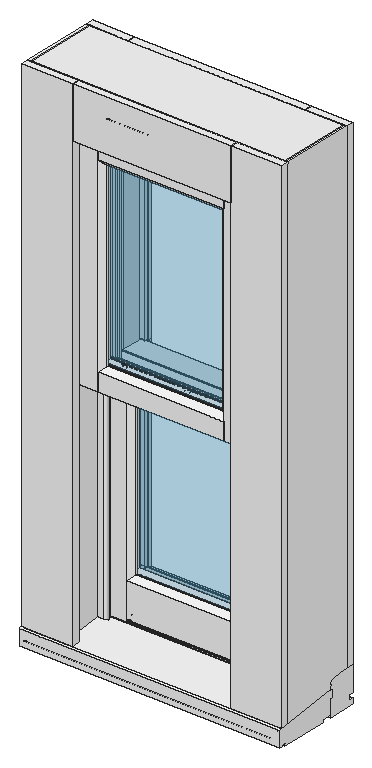
Revit family "B1-11", category Generic Models, Revit 2012
Parameters (values of type "Window Sill drawing")
  Width = 1600 mm
  Height = 1250 mm
  GlazingPanelMaterial = Glass
  Floor Material = White
Types (3, lengths in mm): name | Width | Height | GlazingPanelMaterial | Floor Material
  Window Sill drawing | 1600 | 1250 | Glass | White
  Access Manager | 1250 | 1250 | none | none
  window family | 511 | 1024 | Glass | 1.12A ANCHOR FIXING
Reference planes
  plane 1 "Center (Front/Back)": y = 0
  plane 2: z = 0
  plane 3 "Center (Left/Right)": x = 0
  plane 4: z = 1023.04
  plane 5: x = -800
  plane 6: y = -21.25
  plane 7: y = 152.75
  plane 8: x = -669
  plane 9: y = -21.25
  plane 10: z = 527.56
  plane 11: z = 483.56
  plane 12: z = 923.04
  plane 13: z = 937.04
  plane 14: z = 33
  plane 15: z = 129.004
  plane 16: z = 941.04
  plane 17: z = 68
  plane 18: x = -288.504
  plane 19: x = -419.504
  plane 20: z = 1023.04
Forms (mm)
  Extrusion 1, solid, material "White" <- "Floor Material"
    sketch origin (250, 0, 215.855) x (0, 1, 0) y (0, 0, 1)
      loop
        arc (117, 270.705) -> (122.657, 273.048) -> (125, 278.705) r 8
        line (125, 278.705) -> (128, 278.705) -> (128, 283.705) -> (109, 283.705) -> (109, 271.705) -> (112, 271.705) -> (113, 267.705) -> (117, 267.705) -> (117, 270.705)
      loop
        line (105, 279.705) -> (89, 279.705) -> (89, 269.705) -> (105, 269.705) -> (105, 279.705)
      loop
        line (60, 279.563) -> (60, 292.705) -> (54, 292.705) -> (54, 295.705) -> (12, 295.705) -> (12, 311.705) -> (10, 311.705) -> (0, 301.705) -> (0, 267.705) -> (30.175, 267.705) -> (60, 267.705) -> (60, 275.61) -> (53.26, 275.61) -> (53.26, 279.563) -> (60, 279.563)
      loop
        line (34, 309.705) -> (18, 309.705) -> (18, 299.705) -> (34, 299.705) -> (34, 309.705)
      loop
        arc (54.824, 278.705) -> (53.808, 277.72) -> (54.792, 276.705) r 1
        line (54.792, 276.705) -> (62.292, 276.588) -> (62.353, 280.557) -> (64.366, 277.713)
        arc (64.366, 277.713) -> (65.68, 277.794) -> (65.802, 279.105) r 1.012
        line (65.802, 279.105) -> (62.88, 283.234)
        arc (62.88, 283.234) -> (61.398, 283.78) -> (60.355, 282.594) r 1.396
        line (60.355, 282.594) -> (60.293, 278.62) -> (54.824, 278.705)
    from -917.922 to -670.545
  Extrusion 2, solid, material "White" <- "Floor Material"
    sketch origin (1015, 13.291, 163.049) x (0, 1, 0) y (0, 0, 1)
      loop
        line (69.709, 336.511) -> (96.209, 336.511) -> (96.209, 364.511) -> (50.709, 364.511) -> (50.709, 359.511) -> (52.709, 349.511) -> (57.709, 349.511) -> (57.709, 339.968) -> (63.93, 339.968) -> (63.93, 336.511) -> (57.709, 336.511) -> (57.709, 320.511) -> (69.709, 320.511) -> (69.709, 336.511)
      loop
        line (53.709, 320.511) -> (53.709, 325.511) -> (51.709, 335.511) -> (46.709, 335.511) -> (46.709, 320.511) -> (53.709, 320.511)
      loop
        line (46.709, 364.511) -> (28.709, 364.511) -> (27.709, 360.511) -> (24.709, 360.511) -> (24.709, 348.511) -> (46.709, 348.511) -> (46.709, 364.511)
      loop
        arc (62.68, 337.083) -> (63.68, 338.083) -> (62.68, 339.083) r 1
        line (62.68, 339.083) -> (55.18, 339.083) -> (55.18, 335.113) -> (53.123, 337.925)
        arc (53.123, 337.925) -> (51.81, 337.824) -> (51.709, 336.511) r 1.012
        line (51.709, 336.511) -> (54.694, 332.429)
        arc (54.694, 332.429) -> (56.185, 331.905) -> (57.209, 333.107) r 1.396
        line (57.209, 333.107) -> (57.209, 337.083) -> (62.68, 337.083)
    from -1684 to -1434.582
  Extrusion 3, solid, material "White" <- "Floor Material"
    sketch origin (865, 123.171, 176.773) x (0, 1, 0) y (0, 0, 1)
      loop
        line (-14.171, 306.296) -> (-10.171, 306.787) -> (-11.171, 310.787) -> (-14.171, 310.787) -> (-14.171, 306.296)
      loop
        line (-38.171, 306.542) -> (-38.171, 309.542) -> (-40.171, 309.787) -> (-40.171, 306.787) -> (-38.171, 306.542)
      loop
        line (-85.171, 351.278) -> (-85.171, 346.787) -> (-82.171, 346.787) -> (-81.171, 350.787) -> (-85.171, 351.278)
      loop
        line (-111.171, 347.787) -> (-109.171, 348.033) -> (-109.171, 351.033) -> (-111.171, 350.787) -> (-111.171, 347.787)
    from -1534 to -1284.582
  Extrusion 4, solid, material "Glass" <- "GlazingPanelMaterial"
    sketch origin (150, 64.106, 220.533) x (0, 1, 0) y (0, 0, 1)
      loop
        line (44.88, -103.528) -> (44.88, 279.027) -> (40.88, 279.027) -> (40.88, -103.528) -> (44.88, -103.528)
      loop
        line (24.88, 279.027) -> (20.88, 279.027) -> (20.88, -103.528) -> (24.88, -103.528) -> (24.88, 279.027)
    from -819 to -569.582
  Extrusion 5, solid, material "White" <- "Floor Material"
    sketch origin (761.418, 125.498, 522.759) x (0, -0.121869, -0.992546) y (0, 0.992546, -0.121869)
      loop
        line (28.327, -57.65) -> (23.969, -54.354)
        arc (23.969, -54.354) -> (22.506, -54.612) -> (22.765, -56.075) r 1.05
        line (22.765, -56.075) -> (26.332, -58.837)
        arc (26.332, -58.837) -> (26.584, -59.776) -> (25.835, -60.396) r 0.9
        line (25.835, -60.396) -> (19.693, -61.15)
        arc (19.693, -61.15) -> (19.162, -61.383) -> (18.989, -61.936) r 0.7
        line (18.989, -61.936) -> (19.197, -63.633) -> (19.712, -64.398) -> (20.1, -67.562) -> (19.196, -66.76) -> (19.293, -67.554) -> (20.152, -68.225) -> (20.951, -68.183) -> (23.094, -67.324) -> (22.996, -66.53) -> (20.532, -66.978) -> (20.205, -64.315)
        arc (20.205, -64.315) -> (20.389, -63.651) -> (20.989, -63.312) r 0.9
        line (20.989, -63.312) -> (28.761, -62.358)
        arc (28.761, -62.358) -> (29.205, -62.1) -> (29.324, -61.601) r 0.65
        line (29.324, -61.601) -> (28.752, -58.33)
        arc (28.752, -58.33) -> (28.631, -57.932) -> (28.327, -57.65) r 0.798
    from -1430.418 to -1181
  Extrusion 6, solid, material "White" <- "Floor Material"
    sketch origin (911.418, 126.532, 523.994) x (0, -0.121869, -0.992546) y (0, 0.992546, -0.121869)
      loop
        arc (25.38, -55.148) -> (23.778, -55.428) -> (24.057, -57.03) r 1.15
        line (24.057, -57.03) -> (27.62, -59.789)
        arc (27.62, -59.789) -> (27.84, -60.623) -> (27.175, -61.172) r 0.8
        line (27.175, -61.172) -> (20.939, -61.931)
        arc (20.939, -61.931) -> (20.405, -62.232) -> (20.241, -62.823) r 0.8
        line (20.241, -62.823) -> (20.45, -64.52) -> (20.968, -65.312) -> (21.339, -68.337) -> (20.548, -67.635) -> (20.645, -68.429) -> (21.504, -69.1) -> (22.303, -69.058) -> (24.446, -68.2) -> (24.348, -67.406) -> (21.983, -67.835) -> (21.657, -65.178)
        arc (21.657, -65.178) -> (21.82, -64.588) -> (22.353, -64.287) r 0.8
        line (22.353, -64.287) -> (30.127, -63.332)
        arc (30.127, -63.332) -> (30.638, -63.034) -> (30.774, -62.459) r 0.75
        line (30.774, -62.459) -> (30.244, -59.424)
        arc (30.244, -59.424) -> (30.154, -58.918) -> (29.833, -58.516) r 1.042
        line (29.833, -58.516) -> (25.38, -55.148)
    from -1580.418 to -1331
  Extrusion 7, solid, material "White" <- "Floor Material"
    sketch origin (861.418, 121.497, 535.638) x (0, -0.121869, -0.992546) y (0, 0.992546, -0.121869)
      loop
        line (37.899, -55.316) -> (32.161, -55.997)
        arc (32.161, -55.997) -> (31.827, -56.184) -> (31.724, -56.554) r 0.5
        line (31.724, -56.554) -> (32.395, -62.021) -> (31.491, -61.219) -> (31.588, -62.013) -> (32.447, -62.684) -> (33.246, -62.642) -> (35.389, -61.784) -> (35.291, -60.989) -> (32.827, -61.437) -> (32.285, -57.019)
        arc (32.285, -57.019) -> (32.428, -56.659) -> (32.772, -56.479) r 0.558
        line (32.772, -56.479) -> (37.96, -55.818)
        arc (37.96, -55.818) -> (38.179, -55.536) -> (37.899, -55.316) r 0.253
    from -1530.418 to -1281
  Extrusion 8, solid, material "White" <- "Floor Material"
    sketch origin (-78.582, 5.502, 488.643) x (0, 0.121869, 0.992546) y (0, -0.992546, 0.121869)
      loop
        line (28.327, -57.65) -> (23.969, -54.354)
        arc (23.969, -54.354) -> (22.506, -54.612) -> (22.765, -56.075) r 1.05
        line (22.765, -56.075) -> (26.332, -58.837)
        arc (26.332, -58.837) -> (26.584, -59.776) -> (25.835, -60.396) r 0.9
        line (25.835, -60.396) -> (19.693, -61.15)
        arc (19.693, -61.15) -> (19.162, -61.383) -> (18.989, -61.936) r 0.7
        line (18.989, -61.936) -> (19.197, -63.633) -> (19.712, -64.398) -> (20.1, -67.562) -> (19.196, -66.76) -> (19.293, -67.554) -> (20.152, -68.225) -> (20.951, -68.183) -> (23.094, -67.324) -> (22.996, -66.53) -> (20.532, -66.978) -> (20.205, -64.315)
        arc (20.205, -64.315) -> (20.389, -63.651) -> (20.989, -63.312) r 0.9
        line (20.989, -63.312) -> (28.761, -62.358)
        arc (28.761, -62.358) -> (29.205, -62.1) -> (29.324, -61.601) r 0.65
        line (29.324, -61.601) -> (28.752, -58.33)
        arc (28.752, -58.33) -> (28.631, -57.932) -> (28.327, -57.65) r 0.798
    from -590.418 to -341
  Extrusion 9, solid, material "White" <- "Floor Material"
    sketch origin (736.418, 9.503, 475.765) x (0, 0.121869, 0.992546) y (0, -0.992546, 0.121869)
      loop
        line (37.899, -55.316) -> (32.161, -55.997)
        arc (32.161, -55.997) -> (31.827, -56.184) -> (31.724, -56.554) r 0.5
        line (31.724, -56.554) -> (32.395, -62.021) -> (31.491, -61.219) -> (31.588, -62.013) -> (32.447, -62.684) -> (33.246, -62.642) -> (35.389, -61.784) -> (35.291, -60.989) -> (32.827, -61.437) -> (32.285, -57.019)
        arc (32.285, -57.019) -> (32.428, -56.659) -> (32.772, -56.479) r 0.558
        line (32.772, -56.479) -> (37.96, -55.818)
        arc (37.96, -55.818) -> (38.179, -55.536) -> (37.899, -55.316) r 0.253
    from -1405.418 to -1156
  Extrusion 10, solid, material "White" <- "Floor Material"
    sketch origin (815, 0, 215.855) x (0, 1, 0) y (0, 0, 1)
      loop
        line (38, 299.705) -> (12, 299.705) -> (12, 295.705) -> (38, 295.705) -> (38, 299.705)
      loop
        line (109, 283.705) -> (83, 283.705) -> (83, 279.705) -> (109, 279.705) -> (109, 283.705)
    from -1484 to -1234.582
  Extrusion 11, solid, not visible
    sketch origin (0, 0, 9.375) x (0, 1, 0) y (0, 0, 1)
      loop
        line (94.662, 311.911) -> (94.314, 312.868) -> (95.314, 312.868) -> (93.454, 317.977) -> (86.115, 317.977) -> (85.011, 317.575) -> (64.143, 317.575) -> (64.143, 311.911) -> (94.662, 311.911)
    from 0 to 250
  Extrusion 12, solid, not visible
    sketch origin (0, 0, 9.375) x (0, 1, 0) y (0, 0, 1)
      loop
        line (93.688, 317.334) -> (85.92, 317.334) -> (87.101, 312.926) -> (95.293, 312.926) -> (93.688, 317.334)
      loop
        line (91.853, 322.376) -> (91.853, 328.194)
        arc (91.853, 328.194) -> (91.424, 329.231) -> (90.388, 329.66) r 1.465
        line (90.388, 329.66) -> (71.853, 329.66) -> (71.853, 322.376) -> (91.853, 322.376)
      loop
        line (73.373, 320.598) -> (64.143, 320.598) -> (64.143, 317.575) -> (73.373, 317.575) -> (73.373, 320.598)
      loop
        line (61.169, 311.884) -> (61.169, 316.884) -> (56.169, 316.884)
        arc (56.169, 316.884) -> (53.926, 317.813) -> (52.996, 320.057) r 3.173
        line (52.996, 320.057) -> (52.996, 327.594)
        arc (52.996, 327.594) -> (53.247, 329.284) -> (54.656, 330.25) r 2.138
        line (54.656, 330.25) -> (56.493, 330.25)
        arc (56.493, 330.25) -> (57.939, 329.727) -> (58.925, 328.548) r 2.95
        line (58.925, 328.548) -> (59.306, 324.922) -> (61.24, 324.922) -> (60.612, 330.901)
        arc (60.612, 330.901) -> (59.723, 332.646) -> (57.894, 333.348) r 2.733
        line (57.894, 333.348) -> (52.423, 333.348)
        arc (52.423, 333.348) -> (50.164, 330.795) -> (49.999, 327.391) r 5.139
        line (49.999, 327.391) -> (47.957, 316.884)
        arc (47.957, 316.884) -> (49.179, 314.507) -> (49.698, 311.884) r 9.583
        line (49.698, 311.884) -> (61.169, 311.884)
    from 0 to 250
  Extrusion 13, solid, material "White" <- "Floor Material"
    sketch origin (0, -21.25, 628.291) x (0, 1, 0) y (0, 0, 1)
      loop
        arc (81.5, 305.749) -> (80.621, 307.871) -> (78.5, 308.749) r 3
        line (78.5, 308.749) -> (73.5, 308.749) -> (73.5, 302.749) -> (70.5, 302.749) -> (70.5, 308.749) -> (24.5, 308.749)
        arc (24.5, 308.749) -> (22.379, 307.871) -> (21.5, 305.749) r 3
        line (21.5, 305.749) -> (21.5, 262.749) -> (31.5, 252.749) -> (33.5, 252.749) -> (33.5, 268.749) -> (81.5, 268.749) -> (81.5, 305.749)
    from -667.921 to -420.582
  Extrusion 14, solid, material "White" <- "Floor Material"
    sketch origin (50, -21.25, 639.228) x (0, 1, 0) y (0, 0, 1)
      loop
        line (78.5, 268.749) -> (59.5, 268.749) -> (59.5, 256.749) -> (62.5, 256.749) -> (63.5, 252.749) -> (67.5, 252.749) -> (67.5, 255.749)
        arc (67.5, 255.749) -> (73.157, 258.092) -> (75.5, 263.749) r 8
        line (75.5, 263.749) -> (78.5, 263.749) -> (78.5, 268.749)
      loop
        line (67.534, 317.378) -> (63.288, 313.116) -> (63.101, 309.432)
        arc (63.101, 309.432) -> (63.279, 308.951) -> (63.75, 308.749) r 0.65
        line (63.75, 308.749) -> (71.582, 308.749)
        arc (71.582, 308.749) -> (72.219, 308.486) -> (72.482, 307.849) r 0.9
        line (72.482, 307.849) -> (72.482, 305.266) -> (69.639, 305.266) -> (69.639, 304.437) -> (70.5, 304.437) -> (72.582, 304.032) -> (73.5, 304.437) -> (73.5, 308.749) -> (73.4, 310.459)
        arc (73.4, 310.459) -> (73.16, 310.987) -> (72.605, 311.153) r 0.7
        line (72.605, 311.153) -> (66.417, 311.153)
        arc (66.417, 311.153) -> (65.695, 311.514) -> (65.553, 312.309) r 0.9
        line (65.553, 312.309) -> (68.938, 315.817)
        arc (68.938, 315.817) -> (69.016, 317.299) -> (67.534, 317.378) r 1.05
    from -719 to -469.582
  Extrusion 15, solid, material "White" <- "Floor Material"
    sketch origin (50, -21.25, 628.291) x (0, 1, 0) y (0, 0, 1)
      loop
        line (154, 344.749) -> (154, 388.749) -> (20, 388.749) -> (20, 344.749) -> (154, 344.749)
    from -749.921 to -438.582
  Extrusion 16, solid, material "Glass" <- "GlazingPanelMaterial"
    sketch origin (0, -6.957, 754.533) x (0, 1, 0) y (0, 0, 1)
      loop
        line (45.207, -226.973) -> (45.207, 138.507) -> (41.207, 138.507) -> (41.207, -226.973) -> (45.207, -226.973)
      loop
        line (24.957, 138.507) -> (20.957, 138.507) -> (20.957, -226.973) -> (24.957, -226.973) -> (24.957, 138.507)
    from -669 to -419.582
  Extrusion 17, solid, material "White" <- "Floor Material"
    sketch origin (-72.332, 95.318, 1060.525) x (0, 1, 0) y (0, 0, 1)
      loop
        line (-97.368, -115.408) -> (-98.782, -115.408) -> (-98.782, -120.691) -> (-97.368, -120.691) -> (-97.368, -119.602) -> (-97.368, -116.493) -> (-97.368, -115.408)
    from -596.668 to -347.25
  Extrusion 18, solid, material "White" <- "Floor Material"
    sketch origin (50, -21.25, 639.228) x (0, 1, 0) y (0, 0, 1)
      loop
        line (17, 304.499) -> (13, 304.499) -> (13, 301.999) -> (17, 301.999) -> (17, 299.749) -> (20, 299.749) -> (20, 301.694) -> (19.2, 301.694) -> (19.2, 300.606) -> (17.786, 300.606) -> (17.786, 305.893) -> (19.2, 305.893) -> (19.2, 304.804) -> (20, 304.804) -> (20, 306.749) -> (17, 306.749) -> (17, 304.499)
    from -719 to -469.582
  Extrusion 19, solid, material "White" <- "Floor Material"
    sketch origin (50, -21.25, 639.228) x (0, 1, 0) y (0, 0, 1)
      loop
        line (23.862, 300.393) -> (23.862, 306.074)
        spline (23.862, 306.074) -> (23.6, 305.683) -> (23.284, 305.425) -> (22.922, 305.27) -> (22.524, 305.189) -> (22.101, 305.153) -> (21.66, 305.133) -> (21.213, 305.1) -> (20.767, 305.024) -> (20.334, 304.876) -> (19.922, 304.627) -> (19.541, 304.248) -> (19.2, 303.71)
        line (19.2, 303.71) -> (19.2, 302.476)
        spline (19.2, 302.476) -> (19.558, 301.967) -> (19.948, 301.615) -> (20.362, 301.392) -> (20.792, 301.269) -> (21.23, 301.216) -> (21.669, 301.205) -> (22.099, 301.206) -> (22.515, 301.191) -> (22.906, 301.132) -> (23.267, 300.998) -> (23.588, 300.761) -> (23.862, 300.393)
    from -719 to -469.582
  Extrusion 20, solid, material "White" <- "Floor Material"
    sketch origin (-22.332, 36.182, 1060.525) x (0, -1, 0) y (0, 0, -1)
      loop
        line (-97.368, 115.408) -> (-97.368, 116.493) -> (-97.368, 119.602) -> (-97.368, 120.691) -> (-98.782, 120.691) -> (-98.782, 115.408) -> (-97.368, 115.408)
    from -646.668 to -397.25
  Extrusion 21, solid, material "White" <- "Floor Material"
    sketch origin (25, 152.75, 639.228) x (0, -1, 0) y (0, 0, -1)
      loop
        spline (23.862, -300.393) -> (23.588, -300.761) -> (23.267, -300.998) -> (22.906, -301.132) -> (22.515, -301.191) -> (22.099, -301.206) -> (21.669, -301.205) -> (21.23, -301.216) -> (20.792, -301.269) -> (20.362, -301.392) -> (19.948, -301.615) -> (19.558, -301.967) -> (19.2, -302.476)
        line (19.2, -302.476) -> (19.2, -303.71)
        spline (19.2, -303.71) -> (19.541, -304.248) -> (19.922, -304.627) -> (20.334, -304.876) -> (20.767, -305.024) -> (21.213, -305.1) -> (21.66, -305.133) -> (22.101, -305.153) -> (22.524, -305.189) -> (22.922, -305.27) -> (23.284, -305.425) -> (23.6, -305.683) -> (23.862, -306.074)
        line (23.862, -306.074) -> (23.862, -300.393)
    from -694 to -444.582
  Extrusion 22, solid, material "White" <- "Floor Material"
    sketch origin (50, 234.566, 755.449) x (0, 1, 0) y (0, 0, 1)
      loop
        line (-222.316, 137.529) -> (-220.566, 137.744) -> (-220.566, 140.529) -> (-222.316, 140.529) -> (-222.316, 137.529)
      loop
        line (-193.316, 140.529) -> (-196.316, 140.529) -> (-196.316, 136.529) -> (-192.316, 136.529) -> (-193.316, 140.529)
    from -719 to -469.582
  Extrusion 23, solid, material "White" <- "Floor Material"
    sketch origin (50, -21.25, 628.291) x (0, 1, 0) y (0, 0, 1)
      loop
        line (174, 312.749) -> (174, 388.749) -> (20, 388.749) -> (20, 329.749) -> (15, 329.749) -> (15, 321.749) -> (20, 321.749) -> (20, 312.749) -> (83, 312.749) -> (83, 319.749) -> (91, 319.749) -> (91, 312.749) -> (174, 312.749)
    from -767.938 to -420.582
  Extrusion 24, solid, material "White" <- "Floor Material"
    sketch origin (-172.332, 69.685, -12.907) x (0, -1, 0) y (0, 0, -1)
      loop
        line (-28.815, -17.907) -> (-28.815, -45.907) -> (-33.815, -45.907) -> (-33.815, -60.907) -> (-28.815, -60.907) -> (92.551, -46.005)
        arc (92.551, -46.005) -> (94.432, -45.015) -> (95.185, -43.027) r 3
        line (95.185, -43.027) -> (95.185, -12.907) -> (90.185, -12.907) -> (90.185, -14.907)
        arc (90.185, -14.907) -> (87.185, -17.907) -> (84.185, -14.907) r 3
        line (84.185, -14.907) -> (84.185, -12.907) -> (-8.815, -12.907) -> (-8.815, -17.907) -> (-28.815, -17.907)
    from -627.668 to -116.171
  Extrusion 25, solid, material "White" <- "Floor Material"
    sketch origin (-172.332, 69.685, 0) x (0, -1, 0) y (0, 0, -1)
      loop
        line (-82.815, 0) -> (-82.815, -10) -> (-72.815, -10) -> (-72.815, -20) -> (-82.815, -20) -> (-82.815, -68) -> (-62.815, -68) -> (-28.815, -63.825) -> (-28.815, -58.913)
        arc (-28.815, -58.913) -> (-31.815, -55.913) -> (-28.815, -52.913) r 3
        line (-28.815, -52.913) -> (-28.815, -48) -> (-33.815, -48) -> (-33.815, -33) -> (-28.815, -33) -> (-28.815, 0) -> (-82.815, 0)
    from -627.668 to -116.171
  Extrusion 26, solid, material "White" <- "Floor Material"
    sketch origin (-172.332, 75.723, -26.266) x (0, -1, 0) y (0, 0, -1)
      loop
        line (-6.277, -76.621) -> (-17.277, -77.972) -> (-17.277, -99.936) -> (-21.277, -99.936) -> (-21.277, -139.271) -> (-7.277, -139.271) -> (-7.277, -155.271) -> (-5.277, -155.271) -> (4.723, -145.271) -> (4.723, -77.246)
        arc (4.723, -77.246) -> (3.711, -74.999) -> (1.357, -74.268) r 3
        line (1.357, -74.268) -> (-3.277, -74.837) -> (-3.277, -82.253) -> (-6.277, -82.253) -> (-6.277, -76.621)
      loop
        line (-55.277, -139.271) -> (-29.277, -139.271) -> (-29.277, -99.936) -> (-33.277, -99.936) -> (-33.277, -94.936) -> (-44.277, -96.287) -> (-44.277, -102.287) -> (-47.277, -102.287) -> (-47.277, -96.655) -> (-52.643, -97.314)
        arc (-52.643, -97.314) -> (-54.524, -98.304) -> (-55.277, -100.292) r 3
        line (-55.277, -100.292) -> (-55.277, -139.271)
    from -495.589 to -248.25
  Extrusion 27, solid, material "White" <- "Floor Material"
    sketch origin (-172.332, 36.806, -33.552) x (0, -1, 0) y (0, 0, -1)
      loop
        line (-97.22, -108.207) -> (-97.22, -106.552) -> (-98.72, -106.552) -> (-98.72, -111.552) -> (-97.22, -111.552) -> (-97.22, -109.898)
        spline (-97.22, -109.898) -> (-96.846, -110.536) -> (-96.419, -110.991) -> (-95.951, -111.297) -> (-95.454, -111.486) -> (-94.941, -111.593) -> (-94.423, -111.65) -> (-93.912, -111.691) -> (-93.422, -111.75) -> (-92.964, -111.859) -> (-92.55, -112.054) -> (-92.193, -112.366) -> (-91.905, -112.83)
        line (-91.905, -112.83) -> (-91.905, -105.274)
        spline (-91.905, -105.274) -> (-92.193, -105.738) -> (-92.55, -106.051) -> (-92.964, -106.245) -> (-93.422, -106.355) -> (-93.912, -106.414) -> (-94.423, -106.455) -> (-94.941, -106.512) -> (-95.454, -106.619) -> (-95.951, -106.808) -> (-96.419, -107.113) -> (-96.846, -107.569) -> (-97.22, -108.207)
    from -496.668 to -247.25
  Extrusion 28, solid, material "White" <- "Floor Material"
    sketch origin (-172.332, 73.367, -7.569) x (0, -1, 0) y (0, 0, -1)
      loop
        line (-54.633, -125.574) -> (-51.633, -125.574)
        arc (-51.633, -125.574) -> (-49.289, -131.23) -> (-43.633, -133.574) r 8
        line (-43.633, -133.574) -> (-43.633, -136.574) -> (-39.633, -136.574) -> (-38.633, -132.574) -> (-35.633, -132.574) -> (-35.633, -120.574) -> (-54.633, -120.574) -> (-54.633, -125.574)
    from -496.668 to -247.25
  Extrusion 29, solid, material "White" <- "Floor Material"
    sketch origin (-172.332, 69.685, 0) x (0, -1, 0) y (0, 0, -1)
      loop
        line (-39.315, -113.004) -> (-39.315, -117.004) -> (-15.315, -117.004) -> (-15.315, -126.25) -> (-13.315, -126.004) -> (-13.315, -113.004) -> (-39.315, -113.004)
    from -496.668 to -247.25
  Extrusion 30, solid, material "White" <- "Floor Material"
    sketch origin (-153.582, 101.098, -13.29) x (0, -1, 0) y (0, 0, -1)
      loop
        line (28.327, -57.65) -> (23.969, -54.354)
        arc (23.969, -54.354) -> (22.506, -54.612) -> (22.765, -56.075) r 1.05
        line (22.765, -56.075) -> (26.332, -58.837)
        arc (26.332, -58.837) -> (26.584, -59.776) -> (25.835, -60.396) r 0.9
        line (25.835, -60.396) -> (19.693, -61.15)
        arc (19.693, -61.15) -> (19.162, -61.383) -> (18.989, -61.936) r 0.7
        line (18.989, -61.936) -> (19.197, -63.633) -> (19.712, -64.398) -> (20.1, -67.562) -> (19.196, -66.76) -> (19.293, -67.554) -> (20.152, -68.225) -> (20.951, -68.183) -> (23.094, -67.324) -> (22.996, -66.53) -> (20.532, -66.978) -> (20.205, -64.315)
        arc (20.205, -64.315) -> (20.389, -63.651) -> (20.989, -63.312) r 0.9
        line (20.989, -63.312) -> (28.761, -62.358)
        arc (28.761, -62.358) -> (29.205, -62.1) -> (29.324, -61.601) r 0.65
        line (29.324, -61.601) -> (28.752, -58.33)
        arc (28.752, -58.33) -> (28.631, -57.932) -> (28.327, -57.65) r 0.798
    from -546.339 to -235
  Extrusion 31, solid, material "White" <- "Floor Material"
    sketch origin (-153.582, 113.393, -7.749) x (0, -1, 0) y (0, 0, -1)
      loop
        line (37.899, -55.316) -> (32.161, -55.997)
        arc (32.161, -55.997) -> (31.827, -56.184) -> (31.724, -56.554) r 0.5
        line (31.724, -56.554) -> (32.395, -62.021) -> (31.491, -61.219) -> (31.588, -62.013) -> (32.447, -62.684) -> (33.246, -62.642) -> (35.389, -61.784) -> (35.291, -60.989) -> (32.827, -61.437) -> (32.285, -57.019)
        arc (32.285, -57.019) -> (32.428, -56.659) -> (32.772, -56.479) r 0.558
        line (32.772, -56.479) -> (37.96, -55.818)
        arc (37.96, -55.818) -> (38.179, -55.536) -> (37.899, -55.316) r 0.253
    from -515.418 to -266
  Extrusion 32, solid, material "White" <- "Floor Material"
    sketch origin (-172.332, 69.685, 0) x (0, -1, 0) y (0, 0, -1)
      loop
        line (-35.315, -127.004) -> (-19.315, -127.004) -> (-19.315, -117.004) -> (-35.315, -117.004) -> (-35.315, -127.004)
    from -496.668 to -247.25
  Extrusion 33, solid, material "White" <- "Floor Material"
    sketch origin (-153.582, 142.098, 6.744) x (0, -1, 0) y (0, 0, -1)
      loop
        line (28.327, -57.65) -> (23.969, -54.354)
        arc (23.969, -54.354) -> (22.506, -54.612) -> (22.765, -56.075) r 1.05
        line (22.765, -56.075) -> (26.332, -58.837)
        arc (26.332, -58.837) -> (26.584, -59.776) -> (25.835, -60.396) r 0.9
        line (25.835, -60.396) -> (19.693, -61.15)
        arc (19.693, -61.15) -> (19.162, -61.383) -> (18.989, -61.936) r 0.7
        line (18.989, -61.936) -> (19.197, -63.633) -> (19.712, -64.398) -> (20.1, -67.562) -> (19.196, -66.76) -> (19.293, -67.554) -> (20.152, -68.225) -> (20.951, -68.183) -> (23.094, -67.324) -> (22.996, -66.53) -> (20.532, -66.978) -> (20.205, -64.315)
        arc (20.205, -64.315) -> (20.389, -63.651) -> (20.989, -63.312) r 0.9
        line (20.989, -63.312) -> (28.761, -62.358)
        arc (28.761, -62.358) -> (29.205, -62.1) -> (29.324, -61.601) r 0.65
        line (29.324, -61.601) -> (28.752, -58.33)
        arc (28.752, -58.33) -> (28.631, -57.932) -> (28.327, -57.65) r 0.798
    from -515.418 to -266
  Extrusion 34, solid, material "White" <- "Floor Material"
    sketch origin (-153.582, 143.45, 5.869) x (0, -1, 0) y (0, 0, -1)
      loop
        arc (25.38, -55.148) -> (23.778, -55.428) -> (24.057, -57.03) r 1.15
        line (24.057, -57.03) -> (27.62, -59.789)
        arc (27.62, -59.789) -> (27.84, -60.623) -> (27.175, -61.172) r 0.8
        line (27.175, -61.172) -> (20.939, -61.931)
        arc (20.939, -61.931) -> (20.405, -62.232) -> (20.241, -62.823) r 0.8
        line (20.241, -62.823) -> (20.45, -64.52) -> (20.968, -65.312) -> (21.339, -68.337) -> (20.548, -67.635) -> (20.645, -68.429) -> (21.504, -69.1) -> (22.303, -69.058) -> (24.446, -68.2) -> (24.348, -67.406) -> (21.983, -67.835) -> (21.657, -65.178)
        arc (21.657, -65.178) -> (21.82, -64.588) -> (22.353, -64.287) r 0.8
        line (22.353, -64.287) -> (30.127, -63.332)
        arc (30.127, -63.332) -> (30.638, -63.034) -> (30.774, -62.459) r 0.75
        line (30.774, -62.459) -> (30.244, -59.424)
        arc (30.244, -59.424) -> (30.154, -58.918) -> (29.833, -58.516) r 1.042
        line (29.833, -58.516) -> (25.38, -55.148)
    from -515.418 to -266
  Extrusion 35, solid, material "White" <- "Floor Material"
    sketch origin (-153.582, 154.393, 12.285) x (0, -1, 0) y (0, 0, -1)
      loop
        line (37.899, -55.316) -> (32.161, -55.997)
        arc (32.161, -55.997) -> (31.827, -56.184) -> (31.724, -56.554) r 0.5
        line (31.724, -56.554) -> (32.395, -62.021) -> (31.491, -61.219) -> (31.588, -62.013) -> (32.447, -62.684) -> (33.246, -62.642) -> (35.389, -61.784) -> (35.291, -60.989) -> (32.827, -61.437) -> (32.285, -57.019)
        arc (32.285, -57.019) -> (32.428, -56.659) -> (32.772, -56.479) r 0.558
        line (32.772, -56.479) -> (37.96, -55.818)
        arc (37.96, -55.818) -> (38.179, -55.536) -> (37.899, -55.316) r 0.253
    from -515.418 to -266
  Extrusion 36, solid, material "White" <- "Floor Material"
    sketch origin (-172.332, 69.685, 0) x (0, -1, 0) y (0, 0, -1)
      loop
        line (-39.315, -129.495) -> (-39.315, -125.004) -> (-42.315, -125.004) -> (-43.315, -129.004) -> (-39.315, -129.495)
      loop
        line (-15.315, -129.25) -> (-13.315, -129.004) -> (-13.315, -126.004) -> (-15.315, -126.25) -> (-15.315, -129.25)
    from -496.668 to -247.25
  Extrusion 37, solid, material "White" <- "Floor Material"
    sketch origin (-511.418, -643.153, 0) x (1, 0, 0) y (0, 1, 0)
      loop
        line (-280.004, 695.902) -> (-280.004, 650.902) -> (-235.004, 650.902) -> (-235.004, 695.902) -> (-280.004, 695.902)
      loop
        circle (-257.504, 673.402) r 3.5
      loop
        circle (-257.504, 744.402) r 3.5
      loop
        line (-235.004, 766.902) -> (-280.004, 766.902) -> (-280.004, 721.902) -> (-235.004, 721.902) -> (-235.004, 766.902)
      loop
        line (-281.504, 707.402) -> (-233.504, 707.402) -> (-233.504, 710.402) -> (-281.504, 710.402) -> (-281.504, 707.402)
      loop
        line (-206.504, 712.902) -> (-213.504, 712.902) -> (-213.504, 704.902) -> (-192.504, 704.902)
        arc (-192.504, 704.902) -> (-188.504, 708.902) -> (-192.504, 712.902) r 4
        line (-192.504, 712.902) -> (-206.504, 712.902)
    from 33 to 923.04
  Extrusion 38, solid, material "White" <- "Floor Material"
    sketch origin (-511.434, -643.965, 0) x (1, 0, 0) y (0, 1, 0)
      loop
        line (-209.504, 752.402) -> (-254.504, 752.402) -> (-254.504, 736.402) -> (-209.504, 736.402) -> (-209.504, 729.902) -> (-206.504, 729.902) -> (-206.504, 758.902) -> (-209.504, 758.902) -> (-209.504, 752.402)
      loop
        line (-254.504, 681.402) -> (-254.504, 665.402) -> (-209.504, 665.402) -> (-209.504, 658.902) -> (-206.504, 658.902) -> (-206.504, 687.902) -> (-209.504, 687.902) -> (-209.504, 681.402) -> (-254.504, 681.402)
    from 33 to 923.04
  Extrusion 39, solid, material "White" <- "Floor Material"
    sketch origin (-511.418, -571.902, -672) x (1, 0, 0) y (0, 1, 0)
      loop
        line (-156.504, 643.402) -> (-146.504, 653.402) -> (-146.504, 655.402) -> (-162.504, 655.402) -> (-162.504, 703.402) -> (-199.504, 703.402)
        arc (-199.504, 703.402) -> (-201.625, 702.524) -> (-202.504, 700.402) r 3
        line (-202.504, 700.402) -> (-202.504, 679.402) -> (-196.504, 679.402) -> (-196.504, 667.402) -> (-202.504, 667.402) -> (-202.504, 654.402) -> (-196.504, 654.402) -> (-196.504, 651.402) -> (-202.504, 651.402) -> (-202.504, 646.402)
        arc (-202.504, 646.402) -> (-201.625, 644.281) -> (-199.504, 643.402) r 3
        line (-199.504, 643.402) -> (-156.504, 643.402)
    from 717.039 to 1171.56
  Extrusion 40, solid, material "White" <- "Floor Material"
    sketch origin (-511.418, -571.902, -672) x (1, 0, 0) y (0, 1, 0)
      loop
        line (-162.504, 700.402) -> (-162.504, 681.402) -> (-150.504, 681.402) -> (-150.504, 684.402) -> (-146.504, 685.402) -> (-146.504, 689.402) -> (-149.504, 689.402)
        arc (-149.504, 689.402) -> (-151.847, 695.059) -> (-157.504, 697.402) r 8
        line (-157.504, 697.402) -> (-157.504, 700.402) -> (-162.504, 700.402)
    from 705 to 1199.56
  Extrusion 41, solid, not visible
    sketch origin (-848.022, -244.537, 0) x (1, 0, 0) y (0, 1, 0)
      loop
        line (-156.504, 643.402) -> (-146.504, 653.402) -> (-146.504, 655.402) -> (-162.504, 655.402) -> (-162.504, 703.402) -> (-199.504, 703.402)
        arc (-199.504, 703.402) -> (-201.625, 702.524) -> (-202.504, 700.402) r 3
        line (-202.504, 700.402) -> (-202.504, 695.402) -> (-196.504, 695.402) -> (-196.504, 692.402) -> (-202.504, 692.402) -> (-202.504, 679.402) -> (-196.504, 679.402) -> (-196.504, 667.402) -> (-202.504, 667.402) -> (-202.504, 646.402)
        arc (-202.504, 646.402) -> (-201.625, 644.281) -> (-199.504, 643.402) r 3
        line (-199.504, 643.402) -> (-156.504, 643.402)
    from 672 to 1294
  Extrusion 42, solid, not visible
    sketch origin (-848.022, -244.537, 0) x (1, 0, 0) y (0, 1, 0)
      loop
        line (-162.504, 700.402) -> (-162.504, 681.402) -> (-150.504, 681.402) -> (-150.504, 684.402) -> (-146.504, 685.402) -> (-146.504, 689.402) -> (-149.504, 689.402)
        arc (-149.504, 689.402) -> (-151.847, 695.059) -> (-157.504, 697.402) r 8
        line (-157.504, 697.402) -> (-157.504, 700.402) -> (-162.504, 700.402)
    from 672 to 1294
  Extrusion 43, solid, material "White" <- "Floor Material"
    sketch origin (-511.418, -714.403, -40) x (1, 0, 0) y (0, 1, 0)
      loop
        arc (-199.504, 774.402) -> (-201.625, 773.524) -> (-202.504, 771.402) r 3
        line (-202.504, 771.402) -> (-202.504, 766.402) -> (-196.504, 766.402) -> (-196.504, 763.402) -> (-202.504, 763.402) -> (-202.504, 750.402) -> (-196.504, 750.402) -> (-196.504, 738.402) -> (-202.504, 738.402) -> (-202.504, 717.402)
        arc (-202.504, 717.402) -> (-201.625, 715.281) -> (-199.504, 714.402) r 3
        line (-199.504, 714.402) -> (-156.504, 714.402) -> (-146.504, 724.402) -> (-146.504, 726.402) -> (-162.504, 726.402) -> (-162.504, 774.402) -> (-199.504, 774.402)
    from 523.56 to 977.04
  Extrusion 44, solid, material "White" <- "Floor Material"
    sketch origin (-511.418, -714.403, -85) x (1, 0, 0) y (0, 1, 0)
      loop
        line (-157.504, 771.402) -> (-162.504, 771.402) -> (-162.504, 752.402) -> (-150.504, 752.402) -> (-150.504, 755.402) -> (-146.504, 756.402) -> (-146.504, 760.402) -> (-149.504, 760.402)
        arc (-149.504, 760.402) -> (-151.847, 766.059) -> (-157.504, 768.402) r 8
        line (-157.504, 768.402) -> (-157.504, 771.402)
    from 568.56 to 1022.04
  Extrusion 45, solid, material "White" <- "Floor Material"
    sketch origin (-511.418, 774.897, -660) x (1, 0, 0) y (0, 1, 0)
      loop
        arc (-204.331, -687.749) -> (-207.239, -689.467) -> (-208.592, -692.561) r 5.492
        arc (-208.592, -692.561) -> (-208.577, -693.238) -> (-207.9, -693.253) r 0.49
        line (-207.9, -693.253) -> (-207.702, -692.118)
        arc (-207.702, -692.118) -> (-206.44, -689.941) -> (-204.202, -688.789) r 4.477
        arc (-204.202, -688.789) -> (-203.814, -688.735) -> (-203.578, -688.421) r 0.511
        line (-203.578, -688.421) -> (-203.578, -686.619)
        arc (-203.578, -686.619) -> (-203.274, -687.204) -> (-203.257, -687.863) r 1.462
        line (-203.257, -687.863) -> (-203.257, -695.734)
        arc (-203.257, -695.734) -> (-202.89, -696.174) -> (-202.523, -695.734) r 0.373
        line (-202.523, -695.734) -> (-202.523, -693.221) -> (-200.345, -693.221) -> (-201.733, -694.086) -> (-199.555, -694.086) -> (-198.017, -693.779) -> (-198.017, -692.744)
        arc (-198.017, -692.744) -> (-198.357, -692.518) -> (-198.75, -692.402) r 1.365
        line (-198.75, -692.402) -> (-202.504, -692.402) -> (-202.504, -686.348)
        arc (-202.504, -686.348) -> (-203.437, -685.545) -> (-204.331, -686.391) r 0.919
        line (-204.331, -686.391) -> (-204.331, -687.749)
    from 660 to 1282
  Extrusion 46, solid, material "White" <- "Floor Material"
    sketch origin (-511.418, 774.402, -60) x (1, 0, 0) y (0, 1, 0)
      loop
        line (-204.331, -730.055) -> (-204.331, -731.414)
        arc (-204.331, -731.414) -> (-203.437, -732.26) -> (-202.504, -731.457) r 0.919
        line (-202.504, -731.457) -> (-202.504, -725.402) -> (-198.44, -725.402)
        arc (-198.44, -725.402) -> (-197.968, -724.672) -> (-198.44, -723.941) r 0.802
        line (-198.44, -723.941) -> (-199.555, -723.719) -> (-201.729, -723.719) -> (-201.113, -724.274) -> (-200.345, -724.584) -> (-202.523, -724.584) -> (-202.523, -722.012)
        arc (-202.523, -722.012) -> (-202.923, -721.612) -> (-203.323, -722.012) r 0.4
        line (-203.323, -722.012) -> (-203.323, -731.425) -> (-203.578, -730.607) -> (-203.578, -729.384)
        arc (-203.578, -729.384) -> (-203.814, -729.07) -> (-204.202, -729.016) r 0.511
        arc (-204.202, -729.016) -> (-206.634, -727.667) -> (-207.8, -725.142) r 4.477
        arc (-207.8, -725.142) -> (-208.241, -724.845) -> (-208.592, -725.244) r 0.402
        arc (-208.592, -725.244) -> (-207.239, -728.338) -> (-204.331, -730.055) r 5.492
    from 638 to 997.04
  Extrusion 47, solid, not visible
    sketch origin (-511.418, -643.152, -230) x (1, 0, 0) y (0, 1, 0)
      loop
        line (-200.504, 641.902) -> (-200.504, 638.902) -> (-198.254, 638.902) -> (-198.254, 634.902) -> (-195.818, 634.902) -> (-195.818, 638.902) -> (-193.504, 638.902) -> (-193.504, 641.902) -> (-195.282, 641.902) -> (-195.282, 641.116) -> (-194.482, 641.116) -> (-194.482, 639.814) -> (-199.81, 639.814) -> (-199.81, 641.116) -> (-199.01, 641.116) -> (-199.01, 641.902) -> (-200.504, 641.902)
    from 230 to 852
  Extrusion 48, solid, not visible
    sketch origin (-511.418, -643.152, -140) x (1, 0, 0) y (0, 1, 0)
      loop
        line (-194.482, 639.814) -> (-194.482, 641.116) -> (-199.81, 641.116) -> (-199.81, 639.814) -> (-194.482, 639.814)
    from 140 to 762
  Extrusion 49, solid, not visible
    sketch origin (-511.418, -643.152, 0) x (1, 0, 0) y (0, 1, 0)
      loop
        spline (-199.847, 645.779) -> (-199.478, 645.505) -> (-199.241, 645.183) -> (-199.108, 644.823) -> (-199.048, 644.431) -> (-199.033, 644.016) -> (-199.035, 643.585) -> (-199.023, 643.147) -> (-198.97, 642.709) -> (-198.847, 642.279) -> (-198.624, 641.865) -> (-198.272, 641.475) -> (-197.764, 641.116)
        line (-197.764, 641.116) -> (-196.529, 641.116)
        spline (-196.529, 641.116) -> (-195.991, 641.457) -> (-195.612, 641.839) -> (-195.363, 642.251) -> (-195.215, 642.684) -> (-195.139, 643.129) -> (-195.106, 643.577) -> (-195.086, 644.017) -> (-195.05, 644.441) -> (-194.969, 644.838) -> (-194.814, 645.2) -> (-194.556, 645.517) -> (-194.166, 645.779)
        line (-194.166, 645.779) -> (-199.847, 645.779)
    from 0 to 622
  Extrusion 50, solid, material "White" <- "Floor Material"
    sketch origin (-513.129, -642.215, -140) x (1, 0, 0) y (0, 1, 0)
      loop
        line (-194.482, 777.991) -> (-199.81, 777.991) -> (-199.81, 776.688) -> (-194.482, 776.688) -> (-194.482, 777.991)
    from 140 to 762
  Extrusion 51, solid, material "White" <- "Floor Material"
    sketch origin (-513.129, -642.215, 0) x (1, 0, 0) y (0, 1, 0)
      loop
        line (-199.847, 772.026) -> (-194.166, 772.026)
        spline (-194.166, 772.026) -> (-194.556, 772.288) -> (-194.814, 772.604) -> (-194.969, 772.966) -> (-195.05, 773.364) -> (-195.086, 773.787) -> (-195.106, 774.228) -> (-195.139, 774.675) -> (-195.215, 775.121) -> (-195.363, 775.554) -> (-195.612, 775.966) -> (-195.991, 776.347) -> (-196.529, 776.688)
        line (-196.529, 776.688) -> (-197.764, 776.688)
        spline (-197.764, 776.688) -> (-198.272, 776.33) -> (-198.624, 775.94) -> (-198.847, 775.526) -> (-198.97, 775.096) -> (-199.023, 774.658) -> (-199.035, 774.219) -> (-199.033, 773.789) -> (-199.048, 773.373) -> (-199.108, 772.982) -> (-199.241, 772.621) -> (-199.478, 772.3) -> (-199.847, 772.026)
    from 0 to 622
  Extrusion 52, solid, material "White" <- "Floor Material"
    sketch origin (-509.535, 775.395, -40) x (1, 0, 0) y (0, 1, 0)
      loop
        line (-196.365, -777.429) -> (-197.323, -777.429) -> (-200.433, -777.429) -> (-201.693, -777.429) -> (-201.693, -778.733) -> (-196.365, -778.733) -> (-196.365, -777.429)
    from 618 to 977.04
  Extrusion 53, solid, material "White" <- "Floor Material"
    sketch origin (-509.535, 775.395, -65) x (1, 0, 0) y (0, 1, 0)
      loop
        spline (-201.578, -772.766) -> (-201.21, -773.041) -> (-200.973, -773.362) -> (-200.839, -773.722) -> (-200.779, -774.114) -> (-200.765, -774.529) -> (-200.766, -774.96) -> (-200.755, -775.398) -> (-200.702, -775.836) -> (-200.579, -776.266) -> (-200.356, -776.68) -> (-200.004, -777.07) -> (-199.495, -777.429)
        line (-199.495, -777.429) -> (-198.261, -777.429)
        spline (-198.261, -777.429) -> (-197.722, -777.088) -> (-197.343, -776.707) -> (-197.095, -776.295) -> (-196.947, -775.861) -> (-196.871, -775.416) -> (-196.837, -774.968) -> (-196.817, -774.528) -> (-196.782, -774.104) -> (-196.701, -773.707) -> (-196.546, -773.345) -> (-196.288, -773.028) -> (-195.897, -772.766)
        line (-195.897, -772.766) -> (-201.578, -772.766)
    from 643 to 1002.04
  Extrusion 54, solid, material "White" <- "Floor Material"
    sketch origin (-510.459, 770.224, -40) x (1, 0, 0) y (0, 1, 0)
      loop
        line (-201.463, -771.474) -> (-201.463, -774.474) -> (-199.213, -774.474) -> (-199.213, -778.474) -> (-196.777, -778.474) -> (-196.777, -774.474) -> (-194.463, -774.474) -> (-194.463, -771.474) -> (-196.241, -771.474) -> (-196.241, -772.26) -> (-195.441, -772.26) -> (-195.441, -773.563) -> (-200.769, -773.563) -> (-200.769, -772.26) -> (-199.969, -772.26) -> (-199.969, -771.474) -> (-201.463, -771.474)
    from 618 to 977.04
  Extrusion 55, solid, material "White" <- "Floor Material"
    sketch origin (-577.086, -643.152, 0) x (-1, 0, 0) y (0, -1, 0)
      loop
        line (-288.504, -795.902) -> (-206.504, -795.902) -> (-206.504, -780.902) -> (-288.504, -780.902) -> (-288.504, -795.902)
    from 68 to 1023.04
  Extrusion 56, solid, material "White" <- "Floor Material"
    sketch origin (-577.086, -643.152, 0) x (-1, 0, 0) y (0, -1, 0)
      loop
        line (-232.504, -775.902) -> (-223.504, -775.902) -> (-223.504, -780.902) -> (-215.504, -780.902) -> (-215.504, -775.902) -> (-206.504, -775.902) -> (-206.504, -641.902) -> (-215.504, -641.902) -> (-215.504, -636.902) -> (-223.504, -636.902) -> (-223.504, -641.902) -> (-232.504, -641.902) -> (-232.504, -775.902)
    from 0 to 923.04
  Extrusion 57, solid, material "White" <- "Floor Material"
    sketch origin (-577.086, -643.153, 0) x (-1, 0, 0) y (0, -1, 0)
      loop
        line (-280.004, -695.902) -> (-235.004, -695.902) -> (-235.004, -650.902) -> (-280.004, -650.902) -> (-280.004, -695.902)
      loop
        circle (-257.504, -673.402) r 3.5
      loop
        circle (-257.504, -744.402) r 3.5
      loop
        line (-235.004, -766.902) -> (-235.004, -721.902) -> (-280.004, -721.902) -> (-280.004, -766.902) -> (-235.004, -766.902)
      loop
        line (-281.504, -707.402) -> (-281.504, -710.402) -> (-233.504, -710.402) -> (-233.504, -707.402) -> (-281.504, -707.402)
      loop
        line (-206.504, -712.902) -> (-192.504, -712.902)
        arc (-192.504, -712.902) -> (-188.504, -708.902) -> (-192.504, -704.902) r 4
        line (-192.504, -704.902) -> (-213.504, -704.902) -> (-213.504, -712.902) -> (-206.504, -712.902)
    from 33 to 923.04
  Extrusion 58, solid, material "White" <- "Floor Material"
    sketch origin (-577.07, -643.965, 0) x (-1, 0, 0) y (0, -1, 0)
      loop
        line (-209.504, -752.402) -> (-209.504, -758.902) -> (-206.504, -758.902) -> (-206.504, -729.902) -> (-209.504, -729.902) -> (-209.504, -736.402) -> (-254.504, -736.402) -> (-254.504, -752.402) -> (-209.504, -752.402)
      loop
        line (-254.504, -681.402) -> (-209.504, -681.402) -> (-209.504, -687.902) -> (-206.504, -687.902) -> (-206.504, -658.902) -> (-209.504, -658.902) -> (-209.504, -665.402) -> (-254.504, -665.402) -> (-254.504, -681.402)
    from 0 to 923.04
  Extrusion 59, solid, material "White" <- "Floor Material"
    sketch origin (-577.085, -571.902, -672) x (-1, 0, 0) y (0, -1, 0)
      loop
        line (-156.504, -643.402) -> (-199.504, -643.402)
        arc (-199.504, -643.402) -> (-201.625, -644.281) -> (-202.504, -646.402) r 3
        line (-202.504, -646.402) -> (-202.504, -651.402) -> (-196.504, -651.402) -> (-196.504, -654.402) -> (-202.504, -654.402) -> (-202.504, -667.402) -> (-196.504, -667.402) -> (-196.504, -679.402) -> (-202.504, -679.402) -> (-202.504, -700.402)
        arc (-202.504, -700.402) -> (-201.625, -702.524) -> (-199.504, -703.402) r 3
        line (-199.504, -703.402) -> (-162.504, -703.402) -> (-162.504, -655.402) -> (-146.504, -655.402) -> (-146.504, -653.402) -> (-156.504, -643.402)
    from 717.039 to 1171.56
  Extrusion 60, solid, material "White" <- "Floor Material"
    sketch origin (-577.085, -571.902, -672) x (-1, 0, 0) y (0, -1, 0)
      loop
        line (-162.504, -700.402) -> (-157.504, -700.402) -> (-157.504, -697.402)
        arc (-157.504, -697.402) -> (-151.847, -695.059) -> (-149.504, -689.402) r 8
        line (-149.504, -689.402) -> (-146.504, -689.402) -> (-146.504, -685.402) -> (-150.504, -684.402) -> (-150.504, -681.402) -> (-162.504, -681.402) -> (-162.504, -700.402)
    from 785.004 to 1595.04
  Extrusion 61, solid, material "White" <- "Floor Material"
    sketch origin (-577.086, -714.403, -40) x (-1, 0, 0) y (0, -1, 0)
      loop
        line (-199.504, -774.402) -> (-162.504, -774.402) -> (-162.504, -726.402) -> (-146.504, -726.402) -> (-146.504, -724.402) -> (-156.504, -714.402) -> (-199.504, -714.402)
        arc (-199.504, -714.402) -> (-201.625, -715.281) -> (-202.504, -717.402) r 3
        line (-202.504, -717.402) -> (-202.504, -738.402) -> (-196.504, -738.402) -> (-196.504, -750.402) -> (-202.504, -750.402) -> (-202.504, -763.402) -> (-196.504, -763.402) -> (-196.504, -766.402) -> (-202.504, -766.402) -> (-202.504, -771.402)
        arc (-202.504, -771.402) -> (-201.625, -773.524) -> (-199.504, -774.402) r 3
    from 523.56 to 963.04
  Extrusion 62, solid, material "White" <- "Floor Material"
    sketch origin (-577.086, -714.403, -85) x (-1, 0, 0) y (0, -1, 0)
      loop
        line (-157.504, -771.402) -> (-157.504, -768.402)
        arc (-157.504, -768.402) -> (-151.847, -766.059) -> (-149.504, -760.402) r 8
        line (-149.504, -760.402) -> (-146.504, -760.402) -> (-146.504, -756.402) -> (-150.504, -755.402) -> (-150.504, -752.402) -> (-162.504, -752.402) -> (-162.504, -771.402) -> (-157.504, -771.402)
    from 612.56 to 1008.04
  Extrusion 63, solid, material "White" <- "Floor Material"
    sketch origin (-577.086, 774.897, -660) x (-1, 0, 0) y (0, -1, 0)
      loop
        line (-204.331, 687.749) -> (-204.331, 686.391)
        arc (-204.331, 686.391) -> (-203.437, 685.545) -> (-202.504, 686.348) r 0.919
        line (-202.504, 686.348) -> (-202.504, 692.402) -> (-198.75, 692.402)
        arc (-198.75, 692.402) -> (-198.357, 692.518) -> (-198.017, 692.744) r 1.365
        line (-198.017, 692.744) -> (-198.017, 693.779) -> (-199.555, 694.086) -> (-201.733, 694.086) -> (-200.345, 693.221) -> (-202.523, 693.221) -> (-202.523, 695.734)
        arc (-202.523, 695.734) -> (-202.89, 696.174) -> (-203.257, 695.734) r 0.373
        line (-203.257, 695.734) -> (-203.257, 687.863)
        arc (-203.257, 687.863) -> (-203.274, 687.204) -> (-203.578, 686.619) r 1.462
        line (-203.578, 686.619) -> (-203.578, 688.421)
        arc (-203.578, 688.421) -> (-203.814, 688.735) -> (-204.202, 688.789) r 0.511
        arc (-204.202, 688.789) -> (-206.44, 689.941) -> (-207.702, 692.118) r 4.477
        line (-207.702, 692.118) -> (-207.9, 693.253)
        arc (-207.9, 693.253) -> (-208.577, 693.238) -> (-208.592, 692.561) r 0.49
        arc (-208.592, 692.561) -> (-207.239, 689.467) -> (-204.331, 687.749) r 5.492
    from 660 to 1282
  Extrusion 64, solid, material "White" <- "Floor Material"
    sketch origin (-577.086, 774.402, -60) x (-1, 0, 0) y (0, -1, 0)
      loop
        arc (-204.331, 730.055) -> (-207.239, 728.338) -> (-208.592, 725.244) r 5.492
        arc (-208.592, 725.244) -> (-208.241, 724.845) -> (-207.8, 725.142) r 0.402
        arc (-207.8, 725.142) -> (-206.634, 727.667) -> (-204.202, 729.016) r 4.477
        arc (-204.202, 729.016) -> (-203.814, 729.07) -> (-203.578, 729.384) r 0.511
        line (-203.578, 729.384) -> (-203.578, 730.607) -> (-203.323, 731.425) -> (-203.323, 722.012)
        arc (-203.323, 722.012) -> (-202.923, 721.612) -> (-202.523, 722.012) r 0.4
        line (-202.523, 722.012) -> (-202.523, 724.584) -> (-200.345, 724.584) -> (-201.113, 724.274) -> (-201.729, 723.719) -> (-199.555, 723.719) -> (-198.44, 723.941)
        arc (-198.44, 723.941) -> (-197.968, 724.672) -> (-198.44, 725.402) r 0.802
        line (-198.44, 725.402) -> (-202.504, 725.402) -> (-202.504, 731.457)
        arc (-202.504, 731.457) -> (-203.437, 732.26) -> (-204.331, 731.414) r 0.919
        line (-204.331, 731.414) -> (-204.331, 730.055)
    from 638 to 983.04
  Extrusion 65, solid, material "White" <- "Floor Material"
    sketch origin (-575.374, -642.215, -140) x (-1, 0, 0) y (0, -1, 0)
      loop
        line (-194.482, -777.991) -> (-194.482, -776.688) -> (-199.81, -776.688) -> (-199.81, -777.991) -> (-194.482, -777.991)
    from 140 to 762
  Extrusion 66, solid, material "White" <- "Floor Material"
    sketch origin (-575.374, -642.215, 0) x (-1, 0, 0) y (0, -1, 0)
      loop
        spline (-199.847, -772.026) -> (-199.478, -772.3) -> (-199.241, -772.621) -> (-199.108, -772.982) -> (-199.048, -773.373) -> (-199.033, -773.789) -> (-199.035, -774.219) -> (-199.023, -774.658) -> (-198.97, -775.096) -> (-198.847, -775.526) -> (-198.624, -775.94) -> (-198.272, -776.33) -> (-197.764, -776.688)
        line (-197.764, -776.688) -> (-196.529, -776.688)
        spline (-196.529, -776.688) -> (-195.991, -776.347) -> (-195.612, -775.966) -> (-195.363, -775.554) -> (-195.215, -775.121) -> (-195.139, -774.675) -> (-195.106, -774.228) -> (-195.086, -773.787) -> (-195.05, -773.364) -> (-194.969, -772.966) -> (-194.814, -772.604) -> (-194.556, -772.288) -> (-194.166, -772.026)
        line (-194.166, -772.026) -> (-199.847, -772.026)
    from 0 to 622
  Extrusion 67, solid, material "White" <- "Floor Material"
    sketch origin (-578.968, 775.395, -40) x (-1, 0, 0) y (0, -1, 0)
      loop
        line (-196.365, 777.429) -> (-196.365, 778.733) -> (-201.693, 778.733) -> (-201.693, 777.429) -> (-200.433, 777.429) -> (-197.323, 777.429) -> (-196.365, 777.429)
    from 618 to 963.04
  Extrusion 68, solid, material "White" <- "Floor Material"
    sketch origin (-578.968, 775.395, -65) x (-1, 0, 0) y (0, -1, 0)
      loop
        line (-201.578, 772.766) -> (-195.897, 772.766)
        spline (-195.897, 772.766) -> (-196.288, 773.028) -> (-196.546, 773.345) -> (-196.701, 773.707) -> (-196.782, 774.104) -> (-196.817, 774.528) -> (-196.837, 774.968) -> (-196.871, 775.416) -> (-196.947, 775.861) -> (-197.095, 776.295) -> (-197.343, 776.707) -> (-197.722, 777.088) -> (-198.261, 777.429)
        line (-198.261, 777.429) -> (-199.495, 777.429)
        spline (-199.495, 777.429) -> (-200.004, 777.07) -> (-200.356, 776.68) -> (-200.579, 776.266) -> (-200.702, 775.836) -> (-200.755, 775.398) -> (-200.766, 774.96) -> (-200.765, 774.529) -> (-200.779, 774.114) -> (-200.839, 773.722) -> (-200.973, 773.362) -> (-201.21, 773.041) -> (-201.578, 772.766)
    from 643 to 988.04
  Extrusion 69, solid, material "White" <- "Floor Material"
    sketch origin (-578.045, 770.224, -40) x (-1, 0, 0) y (0, -1, 0)
      loop
        line (-201.463, 771.474) -> (-199.969, 771.474) -> (-199.969, 772.26) -> (-200.769, 772.26) -> (-200.769, 773.563) -> (-195.441, 773.563) -> (-195.441, 772.26) -> (-196.241, 772.26) -> (-196.241, 771.474) -> (-194.463, 771.474) -> (-194.463, 774.474) -> (-196.777, 774.474) -> (-196.777, 778.474) -> (-199.213, 778.474) -> (-199.213, 774.474) -> (-201.463, 774.474) -> (-201.463, 771.474)
    from 618 to 963.04
  Extrusion 70, solid, material "White" <- "Floor Material"
    sketch origin (0, 0, -6) x (0, 1, 0) y (0, 0, 1)
      loop
        line (-21.25, 1029.04) -> (-21.25, 929.04) -> (-1.25, 929.04) -> (-1.25, 934.04) -> (-4.25, 934.04) -> (-4.25, 937.286) -> (-5.069, 937.286) -> (-4.706, 936.29) -> (-5.702, 937.286) -> (-5.702, 936.29) -> (-6.538, 937.286) -> (-6.538, 936.29) -> (-8.25, 937.54) -> (-6.538, 938.79) -> (-6.538, 937.794) -> (-5.702, 938.79) -> (-5.702, 937.794) -> (-4.706, 938.79) -> (-5.069, 937.794) -> (-4.25, 937.794) -> (-4.25, 938.79) -> (-4.25, 941.04) -> (-1.25, 941.04) -> (-1.25, 947.04) -> (-1.25, 956.04) -> (-6.25, 956.04) -> (-6.25, 964.04) -> (-1.25, 964.04) -> (-1.25, 1023.04) -> (-6.25, 1023.04) -> (-6.25, 1029.04) -> (-21.25, 1029.04)
      loop
        line (69.75, 933.04) -> (69.75, 947.04) -> (69.75, 954.04) -> (61.75, 954.04) -> (61.75, 933.04)
        arc (61.75, 933.04) -> (65.75, 929.04) -> (69.75, 933.04) r 4
    from -699.921 to -388.582
  Extrusion 71, solid, material "White" <- "Floor Material"
    sketch origin (-577.086, -643.152, 0) x (-1, 0, 0) y (0, -1, 0)
      loop
        line (-288.504, -621.902) -> (-288.504, -636.902) -> (-188.504, -636.902) -> (-188.504, -621.902) -> (-288.504, -621.902)
    from 33 to 1023.04
  Extrusion 72, solid, material "White" <- "Floor Material"
    sketch origin (-667.107, 18.977, 0) x (0, 1, 0) y (0, 0, 1)
      loop
        line (118.773, 68) -> (118.773, 1023.04) -> (-25.227, 1023.04) -> (-25.227, 35.138) -> (79.523, 48) -> (79.523, 52.913)
        arc (79.523, 52.913) -> (82.523, 55.913) -> (79.523, 58.913) r 3
        line (79.523, 58.913) -> (79.523, 63.825) -> (113.523, 68) -> (118.773, 68)
    from 372.603 to 378.603
  Extrusion 73, solid, material "White" <- "Floor Material"
    sketch origin (-511.418, -643.152, 0) x (1, 0, 0) y (0, 1, 0)
      loop
        line (-288.504, 795.902) -> (-288.504, 780.902) -> (-206.504, 780.902) -> (-206.504, 795.902) -> (-288.504, 795.902)
    from 68 to 1023.04
  Extrusion 74, solid, material "White" <- "Floor Material"
    sketch origin (-511.418, -643.152, 0) x (1, 0, 0) y (0, 1, 0)
      loop
        line (-288.504, 621.902) -> (-188.504, 621.902) -> (-188.504, 636.902) -> (-288.504, 636.902) -> (-288.504, 621.902)
    from 33 to 1023.04
  Extrusion 75, solid, material "White" <- "Floor Material"
    sketch origin (-421.397, 18.977, 0) x (0, 1, 0) y (0, 0, -1)
      loop
        line (118.773, -68) -> (113.523, -68) -> (79.523, -63.825) -> (79.523, -58.913)
        arc (79.523, -58.913) -> (82.523, -55.913) -> (79.523, -52.913) r 3
        line (79.523, -52.913) -> (79.523, -48) -> (-25.227, -35.138) -> (-25.227, -1023.04) -> (118.773, -1023.04) -> (118.773, -68)
    from 372.603 to 378.603
  Extrusion 76, solid, material "White" <- "Floor Material"
    sketch origin (0, 0, 0) x (0, 1, 0) y (0, 0, 1)
      loop
        line (137.75, 1023.04) -> (-6.25, 1023.04) -> (-6.25, 1017.04) -> (137.75, 1017.04) -> (137.75, 1023.04)
    from -793.921 to -294.582
  Sweep 77, solid, material "White" <- "Floor Material"
    path origin (0, -30, 0) x (1, 0, 0) y (0, 0, 1)
      loop
        line (-717.921, 923.04) -> (-717.921, 68) -> (-370.582, 68) -> (-370.582, 923.04) -> (-717.921, 923.04)
    profile origin (-544.252, -30, 923.04) x (0, 0, 1) y (0, -1, 0)
      loop
        line (-15, -162.75) -> (-15, -176.75)
        arc (-15, -176.75) -> (-9, -182.75) -> (-3, -176.75) r 6
        line (-3, -176.75) -> (0, -176.75) -> (0, -162.75) -> (-15, -162.75)
  Extrusion 78, solid, material "White" <- "Floor Material"
    sketch origin (0, 0, -6) x (0, 1, 0) y (0, 0, 1)
      loop
        line (132.75, 1023.04) -> (132.75, 964.04) -> (137.75, 964.04) -> (137.75, 956.04) -> (132.75, 956.04) -> (132.75, 947.04) -> (152.75, 947.04) -> (152.75, 1029.04) -> (137.75, 1029.04) -> (137.75, 1023.04) -> (132.75, 1023.04)
    from -717.938 to -370.582
  Extrusion 79, solid, material "White" <- "Floor Material"
    sketch origin (-511.417, -643.152, 0) x (1, 0, 0) y (0, 1, 0)
      loop
        line (-232.504, 775.902) -> (-232.504, 641.902) -> (-223.504, 641.902) -> (-223.504, 636.902) -> (-215.504, 636.902) -> (-215.504, 641.902) -> (-206.504, 641.902) -> (-206.504, 775.902) -> (-215.504, 775.902) -> (-215.504, 780.902) -> (-223.504, 780.902) -> (-223.504, 775.902) -> (-232.504, 775.902)
    from 0 to 923.04
  Extrusion 80, solid, material "White" <- "Floor Material"
    sketch origin (-511.418, -571.902, -672) x (1, 0, 0) y (0, 1, 0)
      loop
        line (-162.504, 700.402) -> (-162.504, 681.402) -> (-150.504, 681.402) -> (-150.504, 684.402) -> (-146.504, 685.402) -> (-146.504, 689.402) -> (-149.504, 689.402)
        arc (-149.504, 689.402) -> (-151.847, 695.059) -> (-157.504, 697.402) r 8
        line (-157.504, 697.402) -> (-157.504, 700.402) -> (-162.504, 700.402)
    from 705 to 1595.04
  Extrusion 81, solid, material "White" <- "Floor Material"
    sketch origin (-511.418, -571.902, -292) x (1, 0, 0) y (0, 1, 0)
      loop
        line (-162.504, 643.402) -> (-162.504, 703.402) -> (-199.504, 703.402)
        arc (-199.504, 703.402) -> (-201.625, 702.524) -> (-202.504, 700.402) r 3
        line (-202.504, 700.402) -> (-202.504, 679.402) -> (-196.504, 679.402) -> (-196.504, 667.402) -> (-202.504, 667.402) -> (-202.504, 654.402) -> (-196.504, 654.402) -> (-196.504, 651.402) -> (-202.504, 651.402) -> (-202.504, 646.402)
        arc (-202.504, 646.402) -> (-201.625, 644.281) -> (-199.504, 643.402) r 3
        line (-199.504, 643.402) -> (-162.504, 643.402)
    from 791.56 to 1199.977
  Extrusion 82, solid, material "White" <- "Floor Material"
    sketch origin (-577.085, -571.902, -291.444) x (-1, 0, 0) y (0, -1, 0)
      loop
        line (-162.504, -643.402) -> (-199.504, -643.402)
        arc (-199.504, -643.402) -> (-201.625, -644.281) -> (-202.504, -646.402) r 3
        line (-202.504, -646.402) -> (-202.504, -651.402) -> (-196.504, -651.402) -> (-196.504, -654.402) -> (-202.504, -654.402) -> (-202.504, -667.402) -> (-196.504, -667.402) -> (-196.504, -679.402) -> (-202.504, -679.402) -> (-202.504, -700.402)
        arc (-202.504, -700.402) -> (-201.625, -702.524) -> (-199.504, -703.402) r 3
        line (-199.504, -703.402) -> (-162.504, -703.402) -> (-162.504, -643.402)
    from 791.004 to 1199.422
Dimensions and locks
  plane 4 to level = 1023.04 mm
  plane 8 to plane 5 = 131 mm  (x2)
  plane 9 to plane 7 = 174 mm
  locked: plane 10 to plane 11 at 44
  locked: plane 4 to plane 12 at 100
  locked: plane 13 to plane 12 at 14
  plane 14 to level = 33 mm
  locked: Extrusion 75 to Extrusion 75 at 6
  Extrusion 4 to Extrusion 4 = 4 mm
  locked: plane 4 to plane 16 at 82
  plane 17 to level = 68 mm
  plane 20 to plane 2 = 1023.04 mm
  plane 17 to plane 2 = 68 mm
  plane 20 to plane 12 = 100 mm
  aligned and locked: level to plane 2
  aligned and locked: Extrusion 5 to Extrusion 6
  aligned and locked: Extrusion 34 to Extrusion 33
  aligned and locked: plane 7 to Extrusion 23
  aligned and locked: Extrusion 16 to plane 8
  aligned and locked: Extrusion 14 to plane 8
  aligned and locked: Extrusion 21 to plane 8
  aligned and locked: Extrusion 18 to plane 8
  aligned and locked: Extrusion 20 to plane 8
  aligned and locked: Extrusion 17 to plane 8
  aligned and locked: Extrusion 19 to plane 8
  aligned and locked: Extrusion 22 to plane 8
  aligned and locked: Extrusion 8 to plane 8
  aligned and locked: Extrusion 10 to plane 8
  aligned and locked: Extrusion 3 to plane 8
  aligned and locked: Extrusion 9 to plane 8
  aligned and locked: Extrusion 5 to plane 8
  aligned and locked: Extrusion 7 to plane 8
  aligned and locked: Extrusion 2 to plane 8
  aligned and locked: Extrusion 6 to plane 8
  aligned and locked: Extrusion 9 to Extrusion 16
  aligned and locked: Extrusion 8 to Extrusion 16
  aligned and locked: Extrusion 29 to plane 8
  aligned and locked: Extrusion 27 to plane 8
  aligned and locked: Extrusion 31 to plane 8
  aligned and locked: Extrusion 34 to plane 8
  aligned and locked: Extrusion 33 to plane 8
  aligned and locked: Extrusion 35 to plane 8
  aligned and locked: Extrusion 36 to plane 8
  aligned and locked: Extrusion 32 to plane 8
  aligned and locked: Extrusion 28 to plane 8
  aligned and locked: Extrusion 4 to plane 8
  aligned and locked: plane 10 to Extrusion 2
  aligned and locked: plane 10 to Extrusion 40
  aligned and locked: plane 11 to Extrusion 1
  aligned and locked: Extrusion 44 to plane 11
  aligned and locked: Extrusion 43 to plane 11
  aligned and locked: plane 13 to Extrusion 43
  aligned and locked: plane 13 to Extrusion 44
  aligned and locked: plane 13 to Extrusion 54
  aligned and locked: plane 13 to Extrusion 53
  aligned and locked: plane 13 to Extrusion 52
  aligned and locked: plane 13 to Extrusion 46
  aligned and locked: Extrusion 15 to Extrusion 70
  aligned and locked: Extrusion 25 to plane 18
  aligned and locked: Extrusion 1 to Extrusion 59
